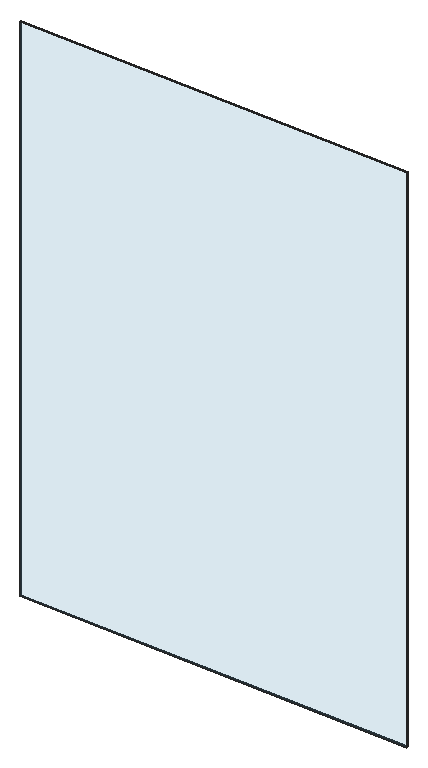
Revit family "ALSPEC ThermAFrame® 101.6&150  Flush CT GLZ Thermally Broken", category Curtain Panels, Revit 2017
Family settings
  OmniClass Number = 23.25.20.14.11.11.17
  OmniClass Title = Infill Panels
  Always vertical = Yes
  Cut with Voids When Loaded = No
  Shared = No
Parameters (values of type "ALSPEC ThermAFrame® 101.6  Flush GLZ Thermally Broken")
  YEAR = "2019"
  VERSION = "2.0"
  TODAYS DATE = "05.02.2019"
  SINGLE GLAZED THICKNESS = 8 mm
  DOUBLE GLAZED THICKNESS = 20 mm
  D = B - (2 * A)  # 4 mm
  CREATOR = " Scott Isouard"  # constant formula
  COMPANY = "Archvis"  # constant formula
  C = if(D > 0 mm, B, (2 * A) + 0.8 mm)  # 20 mm
  B = if(DOUBLE GLAZED THICKNESS > 32 mm, 32 mm, if(DOUBLE GLAZED THICKNESS < 16 mm, 16 mm, DOUBLE GLAZED THICKNESS))  # 20 mm
  Assembly Code = ""
  Analytic Construction = "<None>"
  ANZRC Compliant = yes
  A = if(SINGLE GLAZED THICKNESS > 14.5 mm, 14.5 mm, if(SINGLE GLAZED THICKNESS < 6 mm, 6 mm, SINGLE GLAZED THICKNESS))  # 8 mm
Reference planes
  plane 1 "Center (Front/Back)": y = 0
  plane 2: z = 0
  plane 3 "Center (Left/Right)": x = 0
  plane 4 "Left": x = -1500
  plane 5 "Right": x = 1500
  plane 6 "Top": z = 4000
  plane 7: z = -50
  plane 8: y = 0
  plane 9: y = 10
  plane 10: y = -10
  plane 11: y = 2
  plane 12: y = -2
Forms (mm)
  Extrusion 1, solid, material "Glass"
    sketch origin (0, 0, 0) x (1, 0, 0) y (0, 1, 0)
      loop
        line (-1500, 10) -> (-1500, 2) -> (1500, 2) -> (1500, 10) -> (-1500, 10)
      loop
        line (-1500, -2) -> (-1500, -10) -> (1500, -10) -> (1500, -2) -> (-1500, -2)
    from 0 to 4000
Text (mm)
  text "Exterior" at (-1594.545, 108.878, 0), in view "Ref. Level"
  text "Exterior" at (0, 2290.741, 4406.713), in view "Left"
  text "Exterior" at (0, 1328.187, 4120.349), in view "Right"
Dimensions and locks
  equal spacing: plane 4 "Left", plane 3 "Center (Left/Right)", plane 5 "Right"
  locked: plane 7 to plane 2 at 50
  "C": plane 10 to plane 9
  "A": plane 10 to plane 12
  "A": plane 11 to plane 9
  equal spacing: plane 10, plane 8, plane 9
  aligned and locked: Extrusion 1 to plane 6 "Top"
  aligned and locked: plane 9 to Extrusion 1 sketch curve
  aligned and locked: Extrusion 1 sketch curve to plane 11
  aligned and locked: plane 12 to Extrusion 1 sketch curve
  aligned and locked: Extrusion 1 sketch curve to plane 10
Automatic sketch dimensions
  Extrusion 1 sketch curve to plane 4 "Left" = 0 mm  (x2)
  Extrusion 1 sketch curve to plane 5 "Right" = 0 mm  (x2)
